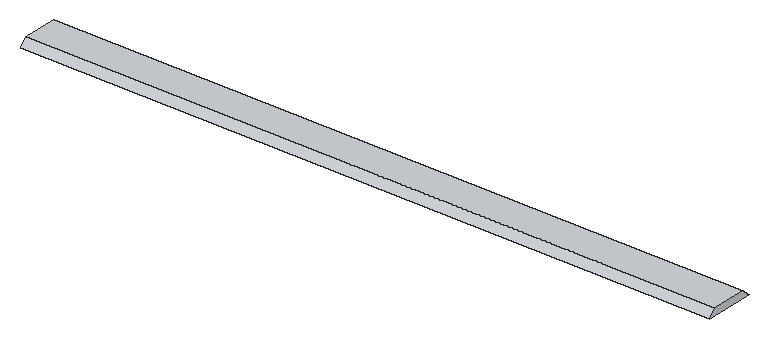
Revit family "FR_PG_Fondation_V1", category Allgemeines Modell, Revit 2018
Family settings
  Kann Basisbauteil für Bewehrung sein = Nein
  Bemaßung runder Anschluss = Durchmesser verwenden
  Teiletyp = Normal
  Beim Laden mit Abzugskörper schneiden = Ja
  Gemeinsam genutzt = Ja
  Raumberechnungspunkt = Nein
Parameters (values of type "MEADRAIN PG1500 -V1_2 Lit Mortier")
  h [instance] = Hauteur du sol - 30 mm  # 30 mm
  guid = "cf6c1bd8-9bf4-4563-8c57-07955e2378ac"  # constant formula
  URL = "https://www.mea-group.com/"
  Type élément de drainage = "Typ M"  # constant formula
  Fiche technique produits = "https://www.mea-group.com/fr/fr/produits/caniveaux-de-drainage-meadrain-pg/"
  STLB-Bau Mustervorlage = "https://www.stlb-bau-online.de/Mustervorlagen/MEA-GROUP/Node"
  Largeur utile d'élément de drainage = if(Largeur utile = 100 mm, "100", if(Largeur utile = 150 mm, "150", "300"))  # "150"
  Largeur utile = 150 mm
  Materiaux = ""
  MEA-Volumen PCC-Mörtel [instance] = B_surface * [built-in parameter 1001306]  # 0.0162 m³
  MEA aide montage = "https://www.mea-group.com/de/water-management/service/"
  built-in parameter 1001306 [instance] = 3000 mm
  Construction élément de drainage = "Caniveau profil peigne"  # constant formula
  IfcExportType = "USERDEFINED"  # constant formula
  IfcExportAs = "IfcWasteTerminalType"  # constant formula
  IfcDescription = Beschreibung  # "Caniveau plat monolithique en béton polymère, avec profilé de peigne. Absence de pièces mobiles non fixées =\r\nsolution silencieuse. Largeur des fentes selon norme EN 1433, adaptées au passage de personnes à mobilité\r\nréduite (PMR) sans couverture complémentaire. Largeur utile 100mm. Hauteur 500mm. Corps de caniveaux sans\r\npente. Classes de charge A 15 à C 250 selon norme EN 1433. Capacité de charge selon l’application. Respectez\r\nles conseils de pose préconisés par MEA."
  Hersteller = "MEA Bautechnik GmbH bussiness unite MEA Water Management"  # constant formula
  Poids = "voir la densité de mortier"  # constant formula
  Hauteur du sol [instance] = 60 mm
  Technique de montage = "Caniveau seul"  # constant formula
  Fondation en AS [instance] = yes
  Largeur = 150 mm
  Beschreibung = "Caniveau plat monolithique en béton polymère, avec profilé de peigne. Absence de pièces mobiles non fixées =\r\nsolution silencieuse. Largeur des fentes selon norme EN 1433, adaptées au passage de personnes à mobilité\r\nréduite (PMR) sans couverture complémentaire. Largeur utile 100mm. Hauteur 500mm. Corps de caniveaux sans\r\npente. Classes de charge A 15 à C 250 selon norme EN 1433. Capacité de charge selon l’application. Respectez\r\nles conseils de pose préconisés par MEA."
  classe de charge d' élément de drainage = "C 250"
  Élément de construction, de drainage = "Entwässerungsrinne"  # constant formula
  Materiaux, d'enrobage/ Fondation = "PCC-Mörtel/Epoxy-Mörtel"  # constant formula
  Bauelement = "caineau surface d'eau"  # constant formula
  B_surface [instance] = (Largeur + h) * h  # 0.0054 m²
  Documents de mise en œuvre = "conformément aux dessins et à la description du produits"  # constant formula
  Référence (Art. Nr) = "010155602"
Types (3, lengths in mm): name | Largeur utile d'élément de drainage | Largeur utile | MEA-Volumen PCC-Mörtel | Largeur | B_surface
  MEADRAIN PG1000 -V1_2 Lit Mortier | "100" | 100 | 0.0117 m³ | 100 | 0.0039 m²
  MEADRAIN PG1500 -V1_2 Lit Mortier | "150" | 150 | 0.0162 m³ | 150 | 0.0054 m²
  MEADRAIN PG3000 -V1_2 Lit Mortier | "300" | 300 | 0.0297 m³ | 300 | 0.0099 m²
Reference planes
  plane 1 "Mitte (Vorne/hinten)": y = 0
  plane 2: z = 0
  plane 3 "Links": x = 0
  plane 4 "Rechts": x = 3000
Forms (mm)
  Sweep 1, solid
    path in 3D
      loop
        line (0, 0, 0) -> (3000, 0, 0)
    profile "Profil PG-Mörtel OS_AS V1_2 : Profil PG-Mörtel OS_AS V1_2" origin (1500, 0, 0) x (0, 1, 0) y (0, 0, 1)
      loop
        line (-105, -60) -> (105, -60) -> (75, -30) -> (-75, -30) -> (-105, -60)
  Sweep 2, void
    path in 3D
      loop
        line (0, 0, 0) -> (3000, 0, 0)
    profile "Profil PG-Mörtel OS_AS V1_2 : Profil PG-Mörtel OS_AS V1_2" origin (1500, 0, 0) x (0, 1, 0) y (0, 0, 1)
      loop
        line (-105, -60) -> (105, -60) -> (75, -30) -> (-75, -30) -> (-105, -60)
Lines and regions (mm)
  reference lines
    curve 1: line (104.1, 0, 0) -> (2985, 0, 0)
  model lines
    curve 2: line (0, 0, 0) -> (3000, 0, 0)
  sketch lines
    curve 3: line (0, 0, 0) -> (3000, 0, 0)
    curve 4: line (0, 0, 0) -> (3000, 0, 0)
Dimensions and locks
  "built-in parameter 1001306": plane 3 "Links" to plane 4 "Rechts"
  aligned and locked: plane 1 "Mitte (Vorne/hinten)" to curve 1
  aligned and locked: level to plane 2
  aligned and locked: plane 4 "Rechts" to curve 2
  aligned and locked: plane 3 "Links" to curve 2
Automatic sketch dimensions
  plane 1 "Mitte (Vorne/hinten)" to curve 2 = 0 mm
  plane 3 "Links" to curve 1 = 104.1 mm
  curve 1 to plane 4 "Rechts" = 15 mm
